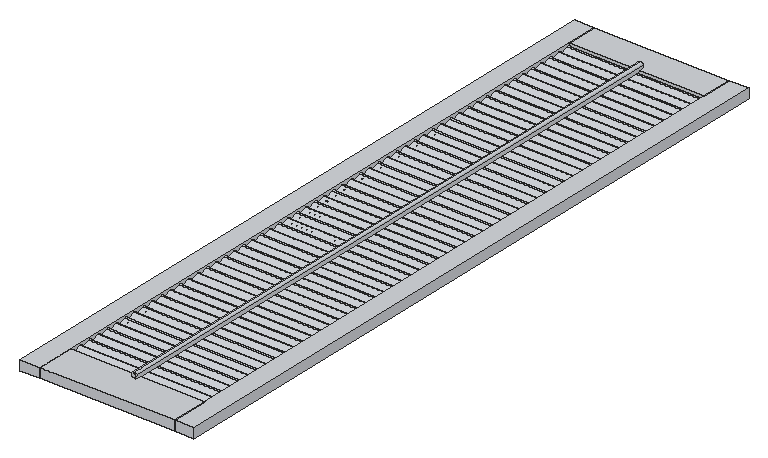
Revit family "E Class Louver 1 Panel", category Generic Models, Revit 2017
Family settings
  Can host rebar = No
  Round Connector Dimension = Use Diameter
  Part Type = Normal
  Work Plane-Based = Yes
  Always vertical = No
  Cut with Voids When Loaded = No
  Shared = No
  Room Calculation Point = No
Parameters
  URL = "www.newhorizonshutters.com"
  Type Comments = "**** All shutters dimensions and configurations to be approved by NHSI ****"
  Top Rail = 0' - 3 1/4"
  Tilt Rod = yes
  Shutter Width = 1' - 6"
  Shutter Thickness = 0' - 1"
  Shutter Height = 6' - 0"
  Model = "Louver E Class - no center rail"
  Manufacturer = "New Horizon Shutters"
  Louver Section 1 = Shutter Height - Bottom Rail - Top Rail - 0' 1 15/32"  # 5' - 3 9/32"
  Louver Length = Shutter Width - 0' 4"  # 1' - 2"
  Finish Color = none
  Default Elevation = 4' - 0"
  Bottom Rail = 0' - 4"
Reference planes (in)
  plane 1 "Center (Front/Back)": y = 0
  plane 2: z = 0
  plane 3 "Center (Left/Right)": x = 0
  plane 4: x = 9
  plane 5: x = -9
  plane 6: y = 72
  plane 7: y = 68.75
  plane 8: y = 4
  plane 9: x = -7
  plane 10: z = 1
  plane 11: z = 0.5
  plane 12: x = 7
  plane 13: y = 4.7351
  plane 14: y = 69.25
  plane 15: y = 3.5
  plane 16: z = 0.82146
Forms (in)
  Extrusion 1, solid, material <- "Finish Color"
    sketch origin (0, 0, 0) x (1, 0, 0) y (0, 1, 0)
      loop
        line (-9, 72) -> (-9, 0) -> (-7, 0) -> (-7, 72) -> (-9, 72)
      loop
        line (7, 0) -> (9, 0) -> (9, 72) -> (7, 72) -> (7, 0)
    from 0 to 1
  Extrusion 2, solid, material <- "Finish Color"
    sketch origin (0, 0, 0) x (1, 0, 0) y (0, 1, 0)
      loop
        line (-7, 72) -> (-7, 68.75) -> (7, 68.75) -> (7, 72) -> (-7, 72)
    from 0 to 1
  Extrusion 3, solid, material <- "Finish Color"
    sketch origin (0, 0, 0) x (1, 0, 0) y (0, 1, 0)
      loop
        line (-7, 0) -> (7, 0) -> (7, 4) -> (-7, 4) -> (-7, 0)
    from 0 to 1
  Extrusion 4, solid, material <- "Finish Color", visible <- "Tilt Rod"
    sketch origin (-0.75641, 0, -0.72041) x (1, 0, 0) y (0, 0, 1)
      loop
        arc (0.99781, 1.92678) -> (0.92711, 2.09747) -> (0.75641, 2.16817) r 0.2414
        arc (0.75641, 2.16817) -> (0.5764, 2.1028) -> (0.50049, 1.92696) r 0.24164
        line (0.50049, 1.92696) -> (0.50049, 1.54187) -> (0.99781, 1.54187) -> (0.99781, 1.92678)
    from -69.25 to -3.5
Lines and regions (in)
  reference lines
    curve 1: line (0, 0, 1.44776) -> (0, 0, 0.82146)
Dimensions and locks (in)
  equal spacing: plane 5, plane 3 "Center (Left/Right)", plane 4
  "Shutter Width": plane 5 to plane 4
  "Shutter Height": plane 1 "Center (Front/Back)" to plane 6
  "Top Rail": plane 6 to plane 7
  "Bottom Rail": plane 1 "Center (Front/Back)" to plane 8
  locked: plane 5 to plane 9 at 2
  equal spacing: plane 10, plane 11, level
  "Shutter Thickness": plane 10 to level
  locked: plane 12 to plane 4 at 2
  locked: plane 13 to plane 8 at 0.7351
  locked: plane 8 to plane 15 at 0.5
  locked: plane 14 to plane 7 at 0.5
  aligned and locked: plane 2 to level
  aligned and locked: Extrusion 1 sketch curve to plane 6
  aligned and locked: plane 5 to Extrusion 1 sketch curve
  aligned and locked: Extrusion 1 sketch curve to plane 1 "Center (Front/Back)"
  aligned and locked: Extrusion 1 sketch curve to plane 9
  aligned and locked: plane 1 "Center (Front/Back)" to Extrusion 1 sketch curve
  aligned and locked: Extrusion 1 sketch curve to plane 12
  aligned and locked: plane 6 to Extrusion 1 sketch curve
  aligned and locked: plane 4 to Extrusion 1 sketch curve
  aligned and locked: Extrusion 1 to level
  aligned and locked: plane 10 to Extrusion 1
  aligned and locked: plane 11 to nested 1
  aligned and locked: nested 1 to plane 13
  aligned and locked: plane 3 "Center (Left/Right)" to nested 1
  aligned and locked: Extrusion 2 sketch curve to Extrusion 1
  aligned and locked: Extrusion 1 to Extrusion 2 sketch curve
  aligned and locked: plane 7 to Extrusion 2 sketch curve
  aligned and locked: Extrusion 2 sketch curve to plane 12
  aligned and locked: Extrusion 2 to level
  aligned and locked: plane 10 to Extrusion 2
  aligned and locked: Extrusion 1 to Extrusion 3 sketch curve
  aligned and locked: Extrusion 3 sketch curve to plane 9
  aligned and locked: plane 8 to Extrusion 3 sketch curve
  aligned and locked: plane 12 to Extrusion 3 sketch curve
  aligned and locked: plane 10 to Extrusion 3
  aligned and locked: Extrusion 3 to level
  aligned and locked: curve 1 to Extrusion 4
  aligned and locked: plane 14 to Extrusion 4
  aligned and locked: Extrusion 4 to plane 15
Automatic sketch dimensions
  Extrusion 4 sketch curve to plane 3 "Center (Left/Right)" = 0' - 0.25592"
  Extrusion 4 sketch curve to plane 3 "Center (Left/Right)" = 0' - 0.01428"
  plane 3 "Center (Left/Right)" to Extrusion 4 sketch curve = 0' - 0"
  plane 3 "Center (Left/Right)" to Extrusion 4 sketch curve = 0' - 0.2414"
  level to Extrusion 4 sketch curve = 0' - 0.82146"
  level to Extrusion 4 sketch curve = 0' - 1.20636"
  plane 3 "Center (Left/Right)" to curve 1 = 0' - 0"
  curve 1 to plane 10 = 0' - 0.17854"
  curve 1 to curve 1 = 0' - 0.62631"
Nested families (in)
  nested 1: "E Class Louver System 1" at (0, 4.7351, -0.24154), type "E Class Louver System 1"
Definition of nested family "E Class Louver System 1"
  Parameters (values of type "E Class Louver System 1")
    Number Of Louvers = Louver Span / Louver Spacing  # 55
    Louver Span = 5' - 3 9/32"
    Louver Spacing = 0' - 1 41/256"
    Louver Length = 1' - 2"
    Finish Color = none
  Reference planes (in)
    plane 1 "Center (Front/Back)": y = 0
    plane 2: z = 0
    plane 3 "Center (Left/Right)": x = 0
    plane 4: x = 7
    plane 5: x = -7
    plane 6: y = 63.28125
    plane 7: z = 1.48307
    plane 8: z = 0.74154
  Dimensions and locks (in)
    equal spacing: plane 5, plane 3 "Center (Left/Right)", plane 4
    "Louver Length": plane 5 to plane 4
    "Louver Span": plane 1 "Center (Front/Back)" to plane 6
    equal spacing: plane 7, plane 8, level
    equal spacing: group 1, group 3, group 4, group 5, group 6, group 7, group 8, group 9, group 10, group 11, group 12, group 13, group 14, group 15, group 16, group 17, group 18, group 19, group 20, group 21, group 22, group 23, group 24, group 25, group 26, group 27, group 28, group 29, group 30, group 31, group 32, group 33, group 34, group 35, group 36, group 37, group 38, group 39, group 40, group 41, group 42, group 43, group 44, group 45, group 46, group 47, group 48, group 49, group 50, group 51, group 52, group 53, group 54, group 55, group 2  (x2)
    equal spacing: group 2, group 55, group 54, group 53, group 52, group 51, group 50, group 49, group 48, group 47, group 46, group 45, group 44, group 43, group 42, group 41, group 40, group 39, group 38, group 37, group 36, group 35, group 34, group 33, group 32, group 31, group 30, group 29, group 28, group 27, group 26, group 25, group 24, group 23, group 22, group 21, group 20, group 19, group 18, group 17, group 16, group 15, group 14, group 13, group 12, group 11, group 10, group 9, group 8, group 7, group 6, group 5, group 4, group 3, group 1
    aligned and locked: plane 2 to level
    aligned and locked: nested 1 to plane 3 "Center (Left/Right)"
    aligned and locked: nested 1 to plane 8
    aligned and locked: plane 6 to nested 1
    aligned and locked: nested 2 to plane 1 "Center (Front/Back)"
  Nested families (in)
    nested 1: "1.25 Louver" at (0, 63.28125, -0.09946) x (-1, 0, 0) z (0, 0, 1), type "1.25 Louver"
    nested 2: "1.25 Louver" at (0, 0, -0.09946) x (-1, 0, 0) z (0, 0, 1), type "1.25 Louver"
    nested 3: "1.25 Louver" at (0, 62.10937, -0.09946) x (-1, 0, 0) z (0, 0, 1), type "1.25 Louver"
    nested 4: "1.25 Louver" at (0, 60.9375, -0.09946) x (-1, 0, 0) z (0, 0, 1), type "1.25 Louver"
    nested 5: "1.25 Louver" at (0, 59.76562, -0.09946) x (-1, 0, 0) z (0, 0, 1), type "1.25 Louver"
    nested 6: "1.25 Louver" at (0, 58.59375, -0.09946) x (-1, 0, 0) z (0, 0, 1), type "1.25 Louver"
    nested 7: "1.25 Louver" at (0, 57.42187, -0.09946) x (-1, 0, 0) z (0, 0, 1), type "1.25 Louver"
    nested 8: "1.25 Louver" at (0, 56.25, -0.09946) x (-1, 0, 0) z (0, 0, 1), type "1.25 Louver"
    nested 9: "1.25 Louver" at (0, 55.07812, -0.09946) x (-1, 0, 0) z (0, 0, 1), type "1.25 Louver"
    nested 10: "1.25 Louver" at (0, 53.90625, -0.09946) x (-1, 0, 0) z (0, 0, 1), type "1.25 Louver"
    nested 11: "1.25 Louver" at (0, 52.73437, -0.09946) x (-1, 0, 0) z (0, 0, 1), type "1.25 Louver"
    nested 12: "1.25 Louver" at (0, 51.5625, -0.09946) x (-1, 0, 0) z (0, 0, 1), type "1.25 Louver"
    nested 13: "1.25 Louver" at (0, 50.39062, -0.09946) x (-1, 0, 0) z (0, 0, 1), type "1.25 Louver"
    nested 14: "1.25 Louver" at (0, 49.21875, -0.09946) x (-1, 0, 0) z (0, 0, 1), type "1.25 Louver"
    nested 15: "1.25 Louver" at (0, 48.04687, -0.09946) x (-1, 0, 0) z (0, 0, 1), type "1.25 Louver"
    nested 16: "1.25 Louver" at (0, 46.875, -0.09946) x (-1, 0, 0) z (0, 0, 1), type "1.25 Louver"
    nested 17: "1.25 Louver" at (0, 45.70312, -0.09946) x (-1, 0, 0) z (0, 0, 1), type "1.25 Louver"
    nested 18: "1.25 Louver" at (0, 44.53125, -0.09946) x (-1, 0, 0) z (0, 0, 1), type "1.25 Louver"
    nested 19: "1.25 Louver" at (0, 43.35937, -0.09946) x (-1, 0, 0) z (0, 0, 1), type "1.25 Louver"
    nested 20: "1.25 Louver" at (0, 42.1875, -0.09946) x (-1, 0, 0) z (0, 0, 1), type "1.25 Louver"
    nested 21: "1.25 Louver" at (0, 41.01562, -0.09946) x (-1, 0, 0) z (0, 0, 1), type "1.25 Louver"
    nested 22: "1.25 Louver" at (0, 39.84375, -0.09946) x (-1, 0, 0) z (0, 0, 1), type "1.25 Louver"
    nested 23: "1.25 Louver" at (0, 38.67187, -0.09946) x (-1, 0, 0) z (0, 0, 1), type "1.25 Louver"
    nested 24: "1.25 Louver" at (0, 37.5, -0.09946) x (-1, 0, 0) z (0, 0, 1), type "1.25 Louver"
    nested 25: "1.25 Louver" at (0, 36.32812, -0.09946) x (-1, 0, 0) z (0, 0, 1), type "1.25 Louver"
    nested 26: "1.25 Louver" at (0, 35.15625, -0.09946) x (-1, 0, 0) z (0, 0, 1), type "1.25 Louver"
    nested 27: "1.25 Louver" at (0, 33.98437, -0.09946) x (-1, 0, 0) z (0, 0, 1), type "1.25 Louver"
    nested 28: "1.25 Louver" at (0, 32.8125, -0.09946) x (-1, 0, 0) z (0, 0, 1), type "1.25 Louver"
    nested 29: "1.25 Louver" at (0, 31.64062, -0.09946) x (-1, 0, 0) z (0, 0, 1), type "1.25 Louver"
    nested 30: "1.25 Louver" at (0, 30.46875, -0.09946) x (-1, 0, 0) z (0, 0, 1), type "1.25 Louver"
    nested 31: "1.25 Louver" at (0, 29.29687, -0.09946) x (-1, 0, 0) z (0, 0, 1), type "1.25 Louver"
    nested 32: "1.25 Louver" at (0, 28.125, -0.09946) x (-1, 0, 0) z (0, 0, 1), type "1.25 Louver"
    nested 33: "1.25 Louver" at (0, 26.95312, -0.09946) x (-1, 0, 0) z (0, 0, 1), type "1.25 Louver"
    nested 34: "1.25 Louver" at (0, 25.78125, -0.09946) x (-1, 0, 0) z (0, 0, 1), type "1.25 Louver"
    nested 35: "1.25 Louver" at (0, 24.60937, -0.09946) x (-1, 0, 0) z (0, 0, 1), type "1.25 Louver"
    nested 36: "1.25 Louver" at (0, 23.4375, -0.09946) x (-1, 0, 0) z (0, 0, 1), type "1.25 Louver"
    nested 37: "1.25 Louver" at (0, 22.26562, -0.09946) x (-1, 0, 0) z (0, 0, 1), type "1.25 Louver"
    nested 38: "1.25 Louver" at (0, 21.09375, -0.09946) x (-1, 0, 0) z (0, 0, 1), type "1.25 Louver"
    nested 39: "1.25 Louver" at (0, 19.92187, -0.09946) x (-1, 0, 0) z (0, 0, 1), type "1.25 Louver"
    nested 40: "1.25 Louver" at (0, 18.75, -0.09946) x (-1, 0, 0) z (0, 0, 1), type "1.25 Louver"
    nested 41: "1.25 Louver" at (0, 17.57812, -0.09946) x (-1, 0, 0) z (0, 0, 1), type "1.25 Louver"
    nested 42: "1.25 Louver" at (0, 16.40625, -0.09946) x (-1, 0, 0) z (0, 0, 1), type "1.25 Louver"
    nested 43: "1.25 Louver" at (0, 15.23437, -0.09946) x (-1, 0, 0) z (0, 0, 1), type "1.25 Louver"
    nested 44: "1.25 Louver" at (0, 14.0625, -0.09946) x (-1, 0, 0) z (0, 0, 1), type "1.25 Louver"
    nested 45: "1.25 Louver" at (0, 12.89062, -0.09946) x (-1, 0, 0) z (0, 0, 1), type "1.25 Louver"
    nested 46: "1.25 Louver" at (0, 11.71875, -0.09946) x (-1, 0, 0) z (0, 0, 1), type "1.25 Louver"
    nested 47: "1.25 Louver" at (0, 10.54687, -0.09946) x (-1, 0, 0) z (0, 0, 1), type "1.25 Louver"
    nested 48: "1.25 Louver" at (0, 9.375, -0.09946) x (-1, 0, 0) z (0, 0, 1), type "1.25 Louver"
    nested 49: "1.25 Louver" at (0, 8.20312, -0.09946) x (-1, 0, 0) z (0, 0, 1), type "1.25 Louver"
    nested 50: "1.25 Louver" at (0, 7.03125, -0.09946) x (-1, 0, 0) z (0, 0, 1), type "1.25 Louver"
    nested 51: "1.25 Louver" at (0, 5.85937, -0.09946) x (-1, 0, 0) z (0, 0, 1), type "1.25 Louver"
    nested 52: "1.25 Louver" at (0, 4.6875, -0.09946) x (-1, 0, 0) z (0, 0, 1), type "1.25 Louver"
    nested 53: "1.25 Louver" at (0, 3.51562, -0.09946) x (-1, 0, 0) z (0, 0, 1), type "1.25 Louver"
    nested 54: "1.25 Louver" at (0, 2.34375, -0.09946) x (-1, 0, 0) z (0, 0, 1), type "1.25 Louver"
    nested 55: "1.25 Louver" at (0, 1.17187, -0.09946) x (-1, 0, 0) z (0, 0, 1), type "1.25 Louver"
  Definition of nested family "1.25 Louver"
    Parameters (values of type "1.25 Louver")
      Louver Length = 1' - 2"
      Finish Color = none
    Reference planes (in)
      plane 1 "Center (Front/Back)": y = 0
      plane 2: z = 0
      plane 3 "Center (Left/Right)": x = 0
      plane 4: x = 7
      plane 5: x = -7
      plane 6: z = 1.68199
      plane 7: z = 0.841
    Forms (in)
      Extrusion 1, solid, material <- "Finish Color"
        sketch origin (0, 1.29392, 2.07286) x (0, -1, 0) y (0, 0, -1)
          loop
            arc (1.69437, 0.91983) -> (1.89464, 1.01322) -> (1.80125, 1.21349) r 0.15625
            line (1.80125, 1.21349) -> (0.89346, 1.5439)
            arc (0.89346, 1.5439) -> (0.69319, 1.45051) -> (0.78658, 1.25024) r 0.15625
            line (0.78658, 1.25024) -> (1.69437, 0.91983)
        from -7 to 7
    Dimensions and locks (in)
      equal spacing: plane 5, plane 3 "Center (Left/Right)", plane 4
      "Louver Length": plane 5 to plane 4
      equal spacing: plane 6, plane 7, level
      aligned and locked: plane 2 to level
      aligned and locked: Extrusion 1 to plane 5
      aligned and locked: plane 4 to Extrusion 1
    Automatic sketch dimensions
      Extrusion 1 sketch curve to plane 7 = 0' - 0.01838"
      Extrusion 1 sketch curve to plane 1 "Center (Front/Back)" = 0' - 0.50734"
      Extrusion 1 sketch curve to Extrusion 1 sketch curve = 0' - 0.05344"  (x4)
      Extrusion 1 sketch curve to plane 7 = 0' - 0.31203"
      plane 1 "Center (Front/Back)" to Extrusion 1 sketch curve = 0' - 0.40046"
      plane 7 to Extrusion 1 sketch curve = 0' - 0.01838"
      Extrusion 1 sketch curve to Extrusion 1 sketch curve = 0' - 0.14683"
